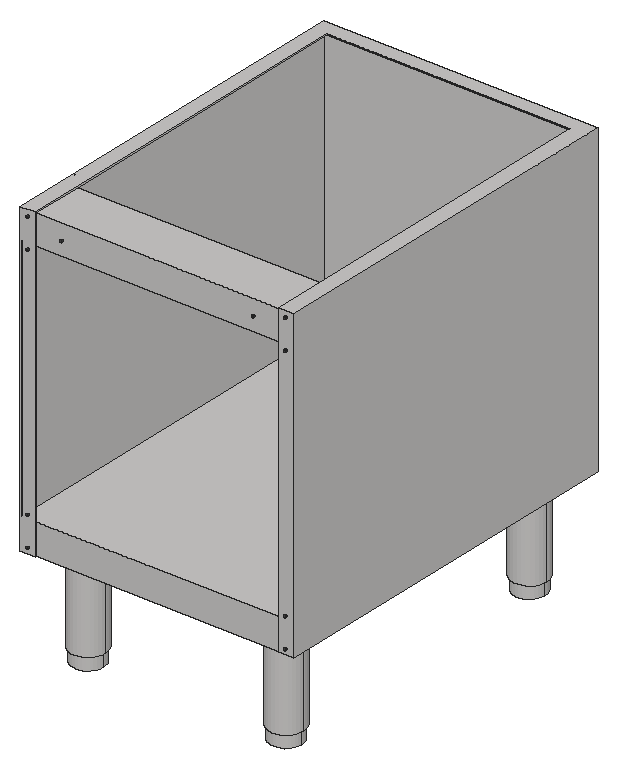
Revit family "QF_ELECTROLUXPROFESSIONAL_371112_E7BAND00O0", category Specialty Equipment, Revit 2018
Family settings
  Round Connector Dimension = Use Diameter
  Part Type = Normal
  Work Plane-Based = No
  Always vertical = Yes
  Cut with Voids When Loaded = No
  Shared = No
  Room Calculation Point = No
Parameters
  Width = 399.00 mm  # constant formula
  Weight in Pounds = 0
  URL Cutsheet = "www.electrolux.com"
  URL = "www.electrolux.com"
  Type Mark [instance] = ""
  Status [instance] = ""
  Specification by User [instance] = ""
  Specification by Manufacturer = ""
  Serial Number = ""
  Seismic Rating = ""
  SMACNA No = ""
  Revision Code [instance] = ""
  Omniclass Number and Title = ""
  NAFEM Spec ID Number = ""
  Model = "371112"
  Masterspec = ""
  Manufacturer = "ELECTROLUX"
  Item Number [instance] = ""
  Installed By [instance] = ""
  Identify Quantity as Lot [instance] = yes
  Height = 599.00 mm  # constant formula
  Furnished By [instance] = ""
  Foodservice Equipment Identifier [instance] = yes
  Direct Waste Size = 0"
  Description = "700XP Open Base Cupboard 1_2 Module"
  Depth = 554.00 mm  # constant formula
  CSI MasterFormat = ""
  CSI Master Format = ""
Reference planes
  plane 1 "BACK": y = 0
  plane 2: z = 0
  plane 3 "LEFT": x = 0
  plane 4 "RIGHT": x = 399
  plane 5 "FRONT": y = -554
  plane 6 "TOP": z = 599
  plane 7 "Center Y": x = 199.5
  plane 8 "Center X": y = -277
  plane 9 "Base Height": z = 149
Forms (mm)
  Extrusion 1, solid, material "QF_Finishes_Stainless Steel"
    sketch origin (0, 0, 149) x (-1, 0, 0) y (0, -1, 0)
      loop
        line (0, 0) -> (0, 554) -> (-22, 554) -> (-22, 22) -> (-377, 22) -> (-377, 554) -> (-399, 554) -> (-399, 0) -> (0, 0)
    from 448.412 to 450
  Extrusion 2, solid, material "QF_Finishes_Stainless Steel"
    sketch origin (0, -554, 0) x (1, 0, 0) y (0, 0, 1)
      loop
        line (0, 597.413) -> (0, 149) -> (22, 149) -> (22, 597.413) -> (0, 597.413)
      loop
        line (399, 149) -> (399, 597.413) -> (377, 597.413) -> (377, 149) -> (399, 149)
    from 0 to -1.59
  Extrusion 3, solid, material "QF_Finishes_Stainless Steel"
    sketch origin (0, 0, 0) x (0, 1, 0) y (0, 0, 1)
      loop
        line (-552.41, 597.413) -> (-552.41, 149) -> (0, 149) -> (0, 597.413) -> (-552.41, 597.413)
    from 0 to 1.59
  Extrusion 4, solid, material "QF_Finishes_Stainless Steel"
    sketch origin (399, 0, 0) x (0, 1, 0) y (0, 0, 1)
      loop
        line (-552.41, 597.413) -> (-552.41, 149) -> (0, 149) -> (0, 597.413) -> (-552.41, 597.413)
    from 0 to -1.59
  Extrusion 5, solid, material "QF_Finishes_Stainless Steel"
    sketch origin (0, 0, 0) x (1, 0, 0) y (0, 0, 1)
      loop
        line (0, 597.413) -> (0, 149) -> (399, 149) -> (399, 597.413) -> (0, 597.413)
    from 0 to 1.59
  Extrusion 6, solid, material "QF_Finishes_Stainless Steel"
    sketch origin (0, 0, 149) x (-1, 0, 0) y (0, -1, 0)
      loop
        line (-1.59, 1.59) -> (-1.59, 552.41) -> (-397.41, 552.41) -> (-397.41, 1.59) -> (-1.59, 1.59)
      loop
        circle (-352.751, 403.685) r 12.7
    from 0 to 45
  Extrusion 7, solid, material "QF_Finishes_Stainless Steel"
    sketch origin (0, 0, 0) x (0, 1, 0) y (0, 0, 1)
      loop
        line (-552.41, 597.413) -> (-552.41, 554.237) -> (-550.82, 554.237) -> (-550.82, 595.823) -> (-477.41, 595.823) -> (-477.41, 597.413) -> (-552.41, 597.413)
    from 1.59 to 397.41
  Extrusion 8, solid, material "QF_Finishes_Stainless Steel"
    sketch origin (0, 0, 149) x (-1, 0, 0) y (0, -1, 0)
      loop
        circle (-352.751, 403.685) r 12.7
    from -1.075 to 43.642
  Extrusion 9, solid, material "QF_Finishes_Black"
    sketch origin (399, -554, 149) x (-1, 0, 0) y (0, 0, -1)
      loop
        circle (387.615, -441.126) r 1.5
      loop
        circle (387.615, -397.951) r 1.5
      loop
        circle (387.615, -51.126) r 1.5
      loop
        circle (387.615, -7.951) r 1.5
      loop
        circle (11.385, -441.126) r 1.5
      loop
        circle (11.385, -397.951) r 1.5
      loop
        circle (11.385, -51.126) r 1.5
      loop
        circle (11.385, -7.951) r 1.5
    from 0 to 1.59
  Extrusion 10, solid, material "QF_Finishes_Black"
    sketch origin (0, -552.41, 592.413) x (0, 0, 1) y (-1, 0, 0)
      loop
        circle (-17.884, -59.72) r 1.5
      loop
        circle (-17.884, -339.28) r 1.5
    from 0 to 1.59
  Revolve 11, solid, material "QF_Finishes_Stainless Steel"
    sketch origin (0, -499, 0) x (1, 0, 0) y (0, 0, 1)
      loop
        line (55, 0) -> (55, 149) -> (29.6, 149) -> (29.6, 19.05) -> (32.1, 19.05) -> (32.1, 0) -> (55, 0)
      axis (55, 0) -> (55, 149)
    angle from 0 to 360
  Revolve 12, solid, material "QF_Finishes_Stainless Steel"
    sketch origin (399, -499, 0) x (-1, 0, 0) y (0, 0, -1)
      loop
        line (55, 0) -> (32.1, 0) -> (32.1, -19.05) -> (29.6, -19.05) -> (29.6, -149) -> (55, -149) -> (55, 0)
      axis (55, 0) -> (55, -149)
    angle from 0 to 360
  Revolve 13, solid, material "QF_Finishes_Stainless Steel"
    sketch origin (0, -55, 0) x (1, 0, 0) y (0, 0, -1)
      loop
        line (55, 0) -> (32.1, 0) -> (32.1, -19.05) -> (29.6, -19.05) -> (29.6, -149) -> (55, -149) -> (55, 0)
      axis (55, 0) -> (55, -149)
    angle from 0 to 360
  Revolve 14, solid, material "QF_Finishes_Stainless Steel"
    sketch origin (399, -55, 0) x (-1, 0, 0) y (0, 0, 1)
      loop
        line (55, 0) -> (55, 149) -> (29.6, 149) -> (29.6, 19.05) -> (32.1, 19.05) -> (32.1, 0) -> (55, 0)
      axis (55, 0) -> (55, 149)
    angle from 0 to 360
Cuts and joins
  joined: Extrusion 1, Extrusion 2, Extrusion 3, Extrusion 4, Extrusion 5, Extrusion 6, Extrusion 7, Extrusion 8
Lines and regions (mm)
  symbolic lines, style "QF-Undercounter Details"
    curve 1: line (0, 0, 149) -> (399, 0, 149)
    curve 2: line (0, -554, 149) -> (0, 0, 149)
    curve 3: line (399, -554, 149) -> (0, -554, 149)
    curve 4: line (399, 0, 149) -> (399, -554, 149)
    curve 5: line (22, -477.41, 149) -> (377, -477.41, 149)
    curve 6: line (377, -554, 149) -> (377, -22, 149)
    curve 7: line (377, -22, 149) -> (22, -22, 149)
    curve 8: line (22, -22, 149) -> (22, -554, 149)
    curve 9: line (22, -22, 149) -> (0, 0, 149)
    curve 10: line (377, -22, 149) -> (399, 0, 149)
    curve 11: arc (340.051, -403.685, 149) -> (352.751, -390.985, 149) -> (365.451, -403.685, 149) r 12.7
    curve 12: arc (365.451, -403.685, 149) -> (352.751, -416.385, 149) -> (340.051, -403.685, 149) r 12.7
Dimensions and locks
  equal spacing: plane 3 "LEFT", plane 7 "Center Y", plane 4 "RIGHT"
  "Width": plane 3 "LEFT" to plane 4 "RIGHT"
  equal spacing: plane 5 "FRONT", plane 8 "Center X", plane 1 "BACK"
  "Depth": plane 5 "FRONT" to plane 1 "BACK"
  "Height": plane 6 "TOP" to level
  locked: plane 9 "Base Height" to level at 149
  aligned and locked: level to plane 2
  aligned and locked: Revolve 11 to plane 9 "Base Height"
  aligned and locked: plane 9 "Base Height" to Revolve 12
Automatic sketch dimensions
  plane 1 "BACK" to Extrusion 1 sketch curve = 0.00 mm
  Extrusion 1 sketch curve to plane 4 "RIGHT" = 0.00 mm
  plane 5 "FRONT" to Extrusion 1 sketch curve = 0.00 mm  (x2)
  Extrusion 1 sketch curve to plane 3 "LEFT" = 0.00 mm
  Extrusion 1 sketch curve to Extrusion 1 sketch curve = 22.00 mm
  plane 3 "LEFT" to Extrusion 1 sketch curve = 22.00 mm
  plane 1 "BACK" to Extrusion 1 sketch curve = 22.00 mm
  Extrusion 2 sketch curve to plane 3 "LEFT" = 0.00 mm
  Extrusion 2 sketch curve to plane 9 "Base Height" = 0.00 mm  (x2)
  Extrusion 2 sketch curve to plane 4 "RIGHT" = 0.00 mm
  plane 3 "LEFT" to Extrusion 2 sketch curve = 22.00 mm
  Extrusion 2 sketch curve to plane 4 "RIGHT" = 22.00 mm
  Extrusion 2 sketch curve to plane 6 "TOP" = 1.587 mm  (x2)
  Extrusion 3 sketch curve to plane 9 "Base Height" = 0.00 mm
  Extrusion 3 sketch curve to plane 1 "BACK" = 0.00 mm
  Extrusion 3 sketch curve to plane 5 "FRONT" = 1.59 mm
  Extrusion 3 sketch curve to plane 6 "TOP" = 1.587 mm
  Extrusion 4 sketch curve to plane 9 "Base Height" = 0.00 mm
  Extrusion 4 sketch curve to plane 1 "BACK" = 0.00 mm
  Extrusion 4 sketch curve to plane 5 "FRONT" = 1.59 mm
  Extrusion 4 sketch curve to plane 6 "TOP" = 1.587 mm
  Extrusion 5 sketch curve to plane 3 "LEFT" = 0.00 mm
  Extrusion 5 sketch curve to plane 4 "RIGHT" = 0.00 mm
  Extrusion 5 sketch curve to plane 9 "Base Height" = 0.00 mm
  Extrusion 5 sketch curve to plane 6 "TOP" = 1.587 mm
  Extrusion 6 sketch curve to Extrusion 6 sketch curve = 0.00 mm  (x2)
  Extrusion 6 sketch curve to plane 4 "RIGHT" = 1.59 mm
  Extrusion 6 sketch curve to plane 4 "RIGHT" = 33.549 mm
  Extrusion 6 sketch curve to Extrusion 6 sketch curve = 12.70 mm
  plane 3 "LEFT" to Extrusion 6 sketch curve = 1.59 mm
  plane 1 "BACK" to Extrusion 6 sketch curve = 1.59 mm
  Extrusion 6 sketch curve to plane 8 "Center X" = 126.685 mm
  Extrusion 6 sketch curve to plane 5 "FRONT" = 1.59 mm
  Extrusion 7 sketch curve to plane 5 "FRONT" = 1.59 mm
  Extrusion 7 sketch curve to Extrusion 7 sketch curve = 1.59 mm
  Extrusion 7 sketch curve to plane 6 "TOP" = 3.178 mm
  Extrusion 7 sketch curve to Extrusion 7 sketch curve = 73.41 mm
  Extrusion 7 sketch curve to Extrusion 7 sketch curve = 41.585 mm
  Extrusion 7 sketch curve to plane 6 "TOP" = 1.588 mm
  Extrusion 8 sketch curve to plane 4 "RIGHT" = 46.249 mm
  Extrusion 8 sketch curve to plane 8 "Center X" = 126.685 mm
  Extrusion 1 to Extrusion 9 sketch curve = 365.615 mm
  Extrusion 9 sketch curve to Extrusion 1 = 50.462 mm
  Extrusion 9 sketch curve to Extrusion 9 sketch curve = 0.00 mm  (x3)
  Extrusion 9 sketch curve to Extrusion 1 = 7.286 mm  (x2)
  Extrusion 9 sketch curve to Extrusion 1 = 10.615 mm  (x4)
  Extrusion 9 sketch curve to Extrusion 9 sketch curve = 43.175 mm  (x3)
  Extrusion 9 sketch curve to Extrusion 9 sketch curve = 346.825 mm  (x2)
  Extrusion 10 sketch curve to Extrusion 7 = 20.291 mm  (x2)
  Extrusion 7 to Extrusion 10 sketch curve = 58.13 mm  (x2)
  curve 11 to curve 12 = 0.00 mm  (x2)
  curve 4 to plane 4 "RIGHT" = 0.00 mm
  plane 5 "FRONT" to curve 6 = 0.00 mm
  curve 3 to plane 3 "LEFT" = 0.00 mm
  plane 1 "BACK" to curve 1 = 0.00 mm
  curve 7 to plane 4 "RIGHT" = 22.00 mm
  curve 12 to plane 4 "RIGHT" = 33.549 mm
  curve 11 to curve 12 = 12.70 mm
  plane 3 "LEFT" to curve 9 = 22.00 mm
  plane 1 "BACK" to curve 10 = 22.00 mm
  curve 12 to plane 8 "Center X" = 126.685 mm
  curve 5 to plane 5 "FRONT" = 76.59 mm
  Revolve 11 sketch curve to plane 9 "Base Height" = 0.00 mm
  Revolve 11 sketch curve to level = 0.00 mm
  plane 3 "LEFT" to Revolve 11 sketch curve = 29.60 mm
  Revolve 11 sketch curve to Revolve 11 sketch curve = 2.50 mm
  Revolve 11 sketch curve to Revolve 11 sketch curve = 25.40 mm
  Revolve 11 sketch curve to Revolve 11 sketch curve = 0.00 mm
  level to Revolve 11 sketch curve = 19.05 mm
  plane 9 "Base Height" to Revolve 11 sketch curve = 1.00 mm
  Revolve 11 sketch curve to Revolve 11 sketch curve = 20.00 mm
  Revolve 12 sketch curve to plane 9 "Base Height" = 0.00 mm
  Revolve 12 sketch curve to level = 0.00 mm
  Revolve 12 sketch curve to plane 4 "RIGHT" = 29.60 mm
  Revolve 12 sketch curve to Revolve 12 sketch curve = 2.50 mm
  Revolve 12 sketch curve to Revolve 12 sketch curve = 25.40 mm
  Revolve 12 sketch curve to Revolve 12 sketch curve = 0.00 mm
  Revolve 12 sketch curve to Revolve 12 sketch curve = 1.00 mm
  Revolve 12 sketch curve to Revolve 12 sketch curve = 20.00 mm
  level to Revolve 12 sketch curve = 19.05 mm
  Revolve 13 sketch curve to plane 9 "Base Height" = 0.00 mm
  Revolve 13 sketch curve to level = 0.00 mm
  plane 3 "LEFT" to Revolve 13 sketch curve = 29.60 mm
  Revolve 13 sketch curve to Revolve 13 sketch curve = 2.50 mm
  Revolve 13 sketch curve to Revolve 13 sketch curve = 25.40 mm
  Revolve 13 sketch curve to Revolve 13 sketch curve = 0.00 mm
  plane 9 "Base Height" to Revolve 13 sketch curve = 1.00 mm
  Revolve 13 sketch curve to Revolve 13 sketch curve = 20.00 mm
  level to Revolve 13 sketch curve = 19.05 mm
  Revolve 14 sketch curve to plane 9 "Base Height" = 0.00 mm
  Revolve 14 sketch curve to level = 0.00 mm
  Revolve 14 sketch curve to plane 4 "RIGHT" = 29.60 mm
  Revolve 14 sketch curve to Revolve 14 sketch curve = 2.50 mm
  Revolve 14 sketch curve to Revolve 14 sketch curve = 25.40 mm
  Revolve 14 sketch curve to Revolve 14 sketch curve = 0.00 mm
  level to Revolve 14 sketch curve = 19.05 mm
  Revolve 14 sketch curve to Revolve 14 sketch curve = 1.00 mm
  Revolve 14 sketch curve to Revolve 14 sketch curve = 20.00 mm
  radius of Extrusion 8 sketch curve = 12.70 mm
  radius of Extrusion 9 sketch curve = 1.50 mm  (x8)
  radius of Extrusion 10 sketch curve = 1.50 mm  (x2)
